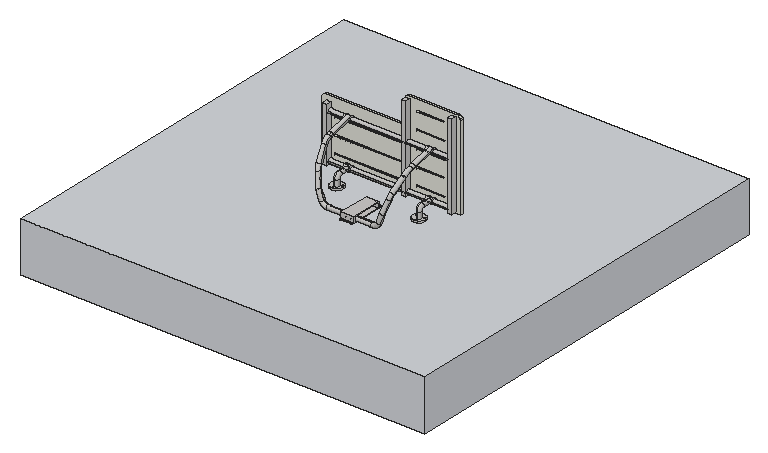
Revit family (continued)
Definition of nested family "Left"
  Automatic sketch dimensions
    Sweep 5 sketch curve to Sweep 5 sketch curve = 0' - 0.58567"
    Sweep 5 sketch curve to Sweep 5 sketch curve = 0' - 3.57424"
    Sweep 6 sketch curve to Sweep 6 sketch curve = 0' - 0.82176"
    Sweep 6 sketch curve to Sweep 6 sketch curve = 0' - 0.27573"
    Sweep 7 sketch curve to Sweep 7 sketch curve = 0' - 3.15842"
    Sweep 7 sketch curve to Sweep 7 sketch curve = 0' - 1.05008"
    Sweep 7 sketch curve to Sweep 7 sketch curve = 0' - 1.53408"
    profile plane to Sweep 7 sketch curve = 0' - 10 69/128"
    Revolve 8 sketch curve to Revolve 8 sketch curve = 0' - 4 3/4"
    Sweep 9 sketch curve to Sweep 9 sketch curve = 0' - 0.58567"
    Sweep 9 sketch curve to Sweep 9 sketch curve = 0' - 3.57424"
    Sweep 10 sketch curve to Sweep 10 sketch curve = 0' - 0.27573"
    Sweep 10 sketch curve to Sweep 10 sketch curve = 0' - 0.50921"
    Sweep 11 sketch curve to Sweep 11 sketch curve = 0' - 1.05008"
    Sweep 11 sketch curve to Sweep 11 sketch curve = 0' - 1.53408"
    profile plane to Sweep 11 sketch curve = 0' - 10 69/128"
    Extrusion 2 sketch curve to curve 1 = 0' - 1 1/8"
    curve 1 to Extrusion 2 sketch curve = 0' - 0 5/8"
    curve 1 to Extrusion 2 sketch curve = 0' - 11 9/16"
    curve 1 to Extrusion 3 sketch curve = 0' - 5 1/16"
    curve 1 to Extrusion 3 sketch curve = 0' - 0 5/8"
    Extrusion 3 sketch curve to Extrusion 3 sketch curve = 0' - 6 1/2"
    Extrusion 3 sketch curve to Extrusion 3 sketch curve = 0' - 0 1/2"
    Extrusion 12 sketch curve to Extrusion 2 = 0' - 0"  (x4)
    Extrusion 12 sketch curve to Extrusion 12 sketch curve = 0' - 0 1/4"  (x10)
    Extrusion 12 sketch curve to Extrusion 12 sketch curve = 0' - 0.40696"
    Extrusion 2 to Extrusion 12 sketch curve = 0' - 1"  (x2)
    Extrusion 2 to Extrusion 12 sketch curve = 0' - 2.26747"
    Extrusion 12 sketch curve to Extrusion 2 = 0' - 1"
    Extrusion 2 to Extrusion 12 sketch curve = 0' - 5 1/2"
    Extrusion 12 sketch curve to Extrusion 12 sketch curve = 0' - 3.47334"  (x3)
    Extrusion 12 sketch curve to Extrusion 12 sketch curve = 0' - 1"
    Extrusion 12 sketch curve to Extrusion 12 sketch curve = 0' - 2.71416"
    Extrusion 12 sketch curve to Extrusion 12 sketch curve = 0' - 0"  (x7)
    Extrusion 2 to Extrusion 12 sketch curve = 0' - 2.77666"  (x2)
    Extrusion 2 to Extrusion 12 sketch curve = 0' - 0 1/2"
    Extrusion 12 sketch curve to Extrusion 2 = 0' - 3.20167"  (x3)
    Extrusion 12 sketch curve to Extrusion 12 sketch curve = 0' - 2.92333"
    Extrusion 12 sketch curve to Extrusion 12 sketch curve = 0' - 6 3/8"
    Extrusion 12 sketch curve to Extrusion 12 sketch curve = 0' - 2.07667"
    Extrusion 12 sketch curve to Extrusion 12 sketch curve = 0' - 8.90334"
    Extrusion 12 sketch curve to Extrusion 12 sketch curve = 0' - 3 1/2"
    Extrusion 12 sketch curve to Extrusion 2 = 0' - 3.92333"  (x3)
    Extrusion 2 to Extrusion 12 sketch curve = 0' - 1 1/4"
    Extrusion 13 sketch curve to curve 1 = 0' - 0 7/8"
    curve 1 to Extrusion 13 sketch curve = 0' - 3 7/8"
    Extrusion 13 sketch curve to curve 1 = 0' - 0 5/8"
    Extrusion 13 sketch curve to Extrusion 13 sketch curve = 0' - 1 1/4"
    Extrusion 14 sketch curve to curve 1 = 0' - 0 7/8"
    curve 1 to Extrusion 14 sketch curve = 0' - 11 1/8"
    Extrusion 14 sketch curve to curve 1 = 0' - 0 5/8"
    Extrusion 14 sketch curve to Extrusion 14 sketch curve = 0' - 1 1/4"
    Extrusion 15 sketch curve to curve 1 = 0' - 0 7/8"
    curve 1 to Extrusion 15 sketch curve = 0' - 0 5/8"
    curve 1 to Extrusion 15 sketch curve = 0' - 11 1/8"
    Extrusion 15 sketch curve to curve 1 = 0' - 0 5/8"
    radius of Sweep 5 sketch curve = 0' - 0 1/2"
    radius of Sweep 6 sketch curve = 0' - 0 1/2"
    radius of Sweep 7 sketch curve = 0' - 0 1/2"
    radius of Sweep 9 sketch curve = 0' - 0 1/2"
    radius of Sweep 10 sketch curve = 0' - 0 1/2"
    radius of Sweep 11 sketch curve = 0' - 0 1/2"
  Nested families (in)
    nested 1: "Up Position" at (0, 2.72182, -6.65456) x (1, 0, 0) z (0, 0.6842, 0.7293), Tube <- "Material Finish", type "Up Position"
      with Tube Stainless Steel - Bobrick - Satin, Lock no
  Definition of nested family "Up Position"
    Parameters (values of type "Support")
      Warranty Duration (Years) = 0
      Unit Width = 1' - 1 1/2"
      Unit Length = 2' - 8"
      Unit Depth = 0' - 0"
      URL = "http://www.accessabledesigns.com/default.htm"
      Tube [instance] = none
      Test Data = ""
      Specification = "http://arcat.com/sd/clients/accessab.html?coid=41334"
      SpecWizard = ""
      Send Message = "http://www.arcat.com/users.pl?action=UserEmail&company=Access-Able+Designs,+Inc.&coid=41334&rep=145&fax=772-872-3200&mf="
      Sales Information = "http://www.accessabledesigns.com/contact.htm"
      Revision = "R1_7_2012"
      Product Properties = ""
      Product Data = "http://arcat.com/arcatcos/cos41/arc41334.html?isac=1&r=1"
      Model = "As Specified"
      Manufacturer Website = "http://www.accessabledesigns.com/default.htm"
      Manufacturer Phone - Toll Free = "877-853-7816"
      Manufacturer Phone = ""
      Manufacturer Fax = "772-872-3200"
      Manufacturer Address = "494 53rd Square Vero Beach, FL 32968"
      Manufacturer = "Access-able Designs, Inc."
      Maintenance Schedule (Months) = 0
      Lock [instance] = yes
      Keynote = "10820"
      Installation-Fabrication = ""
      Installation Phase = ""
      Green Building-LEED = ""
      Expected Lifespan (Years) = 0
      Drawn By = "Sumex Design, Inc. / Robert S. Weygant, CSI, CDT, SCIP"
      Description = "Access-able Designs Product as Specified"
      Default Elevation = 4' - 0"
      Copyright = "©Arcat Inc."
      Construction Details = ""
      Building Codes = ""
      Assembly Code = "C1030200"
      Angle = 90.00°
    Reference planes (in)
      plane 1 "Center (Front/Back)": y = 0
      plane 2: z = 0
      plane 3 "Center (Left/Right)": x = 0
      plane 4: y = 6.75
      plane 5: y = -6.75
      plane 6: x = -16
      plane 7: x = 16
      plane 8: z = 12
    Forms (in)
      Extrusion 1, solid
        sketch origin (0, 0, 0) x (1, 0, 0) y (0, 1, 0)
          loop
            line (-48, 48) -> (-48, -48) -> (48, -48) -> (48, 48) -> (-48, 48)
        from 0 to -12
      Sweep 2, solid, material <- "Tube", visible <- "Lock"
        path origin (0, 0, 0) x (1, 0, 0) y (0, 0, 1)
          loop
            line (0, 0.71616) -> (-3.84674, 0.71616)
            arc (-3.84674, 0.71616) -> (-4.76312, 1.0051) -> (-5.34804, 1.76739) r 1.59766
            line (-5.34804, 1.76739) -> (-6.16678, 4.01685)
        profile origin (-1.92337, 0, 0.71616) x (0, 0, -1) y (0, -1, 0)
          loop
            circle (0, 10.05469) r 0.5
      Revolve 3, solid, not visible
        sketch origin (-4.96082, 1.5, 2.49157) x (-0.292372, 0, 0.956305) y (0, -1, 0)
          loop
            line (11.25, 0) -> (11.75, 0) -> (11.75, 5.25) -> (11.25, 5.25) -> (11.25, 0)
          axis (11.25, 0) -> (11.25, 5.25)
        angle from 0 to 360
      Sweep 4, solid, not visible
        path origin (-4.96082, 1.5, 2.49157) x (-0.292372, 0, 0.956305) y (0, -1, 0)
          loop
            line (11.25, 5.25) -> (11.25, 5.9655)
            arc (11.25, 5.9655) -> (11.09688, 6.68136) -> (10.66433, 7.27195) r 1.75
            line (10.66433, 7.27195) -> (6.65381, 10.84619)
        profile origin (-8.25, -4.10775, 13.25) x (0.292372, 0, -0.956305) y (0.956305, 0, 0.292372)
          loop
            circle (0, 0) r 0.5
      Sweep 5, solid, not visible
        path origin (-4.96082, 1.5, 2.49157) x (-0.292372, 0, 0.956305) y (0, -1, 0)
          loop
            line (6.65381, 10.84619) -> (6.23813, 11.26187)
            arc (6.23813, 11.26187) -> (5.72015, 11.6197) -> (5.10905, 11.77108) r 1.75
            line (5.10905, 11.77108) -> (0.66447, 12.04681)
        profile origin (-6.84544, -9.55403, 8.65588) x (0.206738, 0.707107, -0.67621) y (0.956305, 0, 0.292372)
          loop
            circle (0, 0) r 0.5
      Sweep 6, solid, not visible
        path origin (0, 0, 0) x (1, 0, 0) y (0, 0, 1)
          loop
            line (-5.21645, 3.30032) -> (-4.65809, 1.76624)
            arc (-4.65809, 1.76624) -> (-4.0738, 1.00478) -> (-3.15842, 0.71616) r 1.59591
            line (-3.15842, 0.71616) -> (0, 0.71616)
        profile origin (-4.93727, 0, 2.53328) x (0.939693, 0, 0.34202) y (0, -1, 0)
          loop
            circle (0, 10.53906) r 0.5
      Revolve 7, solid, not visible
        sketch origin (4.96082, 1.5, 2.49157) x (0.292372, 0, 0.956305) y (0, 1, 0)
          loop
            line (11.25, 0) -> (11.25, -5.25) -> (11.75, -5.25) -> (11.75, 0) -> (11.25, 0)
          axis (11.25, 0) -> (11.25, -5.25)
        angle from 0 to 360
      Sweep 8, solid, not visible
        path origin (4.96082, 1.5, 2.49157) x (0.292372, 0, 0.956305) y (0, 1, 0)
          loop
            line (11.25, -5.25) -> (11.25, -5.9655)
            arc (11.25, -5.9655) -> (11.09688, -6.68136) -> (10.66433, -7.27195) r 1.75
            line (10.66433, -7.27195) -> (6.65381, -10.84619)
        profile origin (8.25, -4.10775, 13.25) x (0.292372, 0, 0.956305) y (-0.956305, 0, 0.292372)
          loop
            circle (0, 0) r 0.5
      Sweep 9, solid, not visible
        path origin (4.96082, 1.5, 2.49157) x (0.292372, 0, 0.956305) y (0, 1, 0)
          loop
            line (6.65381, -10.84619) -> (6.23813, -11.26187)
            arc (6.23813, -11.26187) -> (5.72015, -11.6197) -> (5.10905, -11.77108) r 1.75
            line (5.10905, -11.77108) -> (0.66447, -12.04681)
        profile origin (6.84544, -9.55403, 8.65588) x (0.206738, -0.707107, 0.67621) y (-0.956305, 0, 0.292372)
          loop
            circle (0, 0) r 0.5
      Sweep 10, solid, not visible
        path origin (0, 0, 0) x (-1, 0, 0) y (0, 0, 1)
          loop
            line (-5.21645, 3.30032) -> (-4.65809, 1.76624)
            arc (-4.65809, 1.76624) -> (-4.0738, 1.00478) -> (-3.15842, 0.71616) r 1.59591
            line (-3.15842, 0.71616) -> (0, 0.71616)
        profile origin (4.93727, 0, 2.53328) x (0.939693, 0, -0.34202) y (0, -1, 0)
          loop
            circle (0, 10.53906) r 0.5
      Sweep 11, solid, material <- "Tube", visible <- "Lock"
        path origin (0, 1.5, 2) x (0, 0, 1) y (0, -1, 0)
          loop
            line (11.25, 0) -> (9.8265, 5.31259)
        profile origin (0, -1.1563, 12.53825) x (0, 0.258819, -0.965926) y (1, 0, 0)
          loop
            circle (0, -8.25) r 0.5
      Sweep 12, solid, material <- "Tube", visible <- "Lock"
        path origin (2.25548, 1.5, 4.46009) x (-0.258819, 0, 0.965926) y (0, -1, 0)
          loop
            line (9.8265, 5.31259) -> (9.63073, 6.04319)
            arc (9.63073, 6.04319) -> (9.24763, 6.92427) -> (8.62366, 7.65484) r 3.25
            line (8.62366, 7.65484) -> (6.16605, 9.79121)
        profile origin (-0.26247, -4.17789, 13.85721) x (0.25, 0.258819, -0.933013) y (0.965926, 0, 0.258819)
          loop
            circle (0, -8.25) r 0.5
      Sweep 13, solid, material <- "Tube", visible <- "Lock"
        path origin (2.25548, 1.5, 4.46009) x (-0.258819, 0, 0.965926) y (0, -1, 0)
          loop
            line (6.16605, 9.79121) -> (5.78463, 10.12278)
            arc (5.78463, 10.12278) -> (5.26674, 10.48205) -> (4.68337, 10.72071) r 2.89483
            line (4.68337, 10.72071) -> (1.61389, 11.60087)
        profile origin (0.70895, -8.457, 10.23182) x (0.169801, 0.75471, -0.633704) y (0.965926, 0, 0.258819)
          loop
            circle (0, -8.25) r 0.5
      Sweep 14, solid, material <- "Tube", visible <- "Lock"
        path origin (0, 0, 0) x (-1, 0, 0) y (0, 0, 1)
          loop
            line (0, 0.71616) -> (-3.84674, 0.71616)
            arc (-3.84674, 0.71616) -> (-4.76312, 1.0051) -> (-5.34804, 1.76739) r 1.59766
            line (-5.34804, 1.76739) -> (-6.16678, 4.01685)
        profile origin (1.92337, 0, 0.71616) x (0, 0, 1) y (0, -1, 0)
          loop
            circle (0, 10.05469) r 0.5
      Sweep 15, solid, material <- "Tube", visible <- "Lock"
        path origin (0, 1.5, 2) x (0, 0, 1) y (0, 1, 0)
          loop
            line (11.25, 0) -> (9.8265, -5.31259)
        profile origin (0, -1.1563, 12.53825) x (0, -0.258819, 0.965926) y (-1, 0, 0)
          loop
            circle (0, -8.25) r 0.5
      Sweep 16, solid, material <- "Tube", visible <- "Lock"
        path origin (-2.25548, 1.5, 4.46009) x (0.258819, 0, 0.965926) y (0, 1, 0)
          loop
            line (9.8265, -5.31259) -> (9.63073, -6.04319)
            arc (9.63073, -6.04319) -> (9.24763, -6.92427) -> (8.62366, -7.65484) r 3.25
            line (8.62366, -7.65484) -> (6.16605, -9.79121)
        profile origin (0.26247, -4.17789, 13.85721) x (0.25, -0.258819, 0.933013) y (-0.965926, 0, 0.258819)
          loop
            circle (0, -8.25) r 0.5
      Sweep 17, solid, material <- "Tube", visible <- "Lock"
        path origin (-2.25548, 1.5, 4.46009) x (0.258819, 0, 0.965926) y (0, 1, 0)
          loop
            line (6.16605, -9.79121) -> (5.78463, -10.12278)
            arc (5.78463, -10.12278) -> (5.26674, -10.48205) -> (4.68337, -10.72071) r 2.89483
            line (4.68337, -10.72071) -> (1.61389, -11.60087)
        profile origin (-0.70895, -8.457, 10.23182) x (0.169801, -0.75471, 0.633704) y (-0.965926, 0, 0.258819)
          loop
            circle (0, -8.25) r 0.5
      Sweep 18, solid, not visible
        path origin (0, 0, 0) x (1, 0, 0) y (0, 0, 1)
          loop
            line (0, 0.71616) -> (-3.84674, 0.71616)
            arc (-3.84674, 0.71616) -> (-4.76312, 1.0051) -> (-5.34804, 1.76739) r 1.59766
            line (-5.34804, 1.76739) -> (-6.16678, 4.01685)
        profile origin (-1.92337, 0, 0.71616) x (0, 0, -1) y (0, -1, 0)
          loop
            circle (0, 10.05469) r 0.5
      Sweep 19, solid, not visible
        path origin (0, 1.5, 2) x (0, 0, 1) y (0, -1, 0)
          loop
            line (11.25, 0) -> (9.8265, 5.31259)
        profile origin (0, -1.1563, 12.53825) x (0, 0.258819, -0.965926) y (1, 0, 0)
          loop
            circle (0, -8.25) r 0.5
      Sweep 20, solid, not visible
        path origin (2.25548, 1.5, 4.46009) x (-0.258819, 0, 0.965926) y (0, -1, 0)
          loop
            line (9.8265, 5.31259) -> (9.63073, 6.04319)
            arc (9.63073, 6.04319) -> (9.24763, 6.92427) -> (8.62366, 7.65484) r 3.25
            line (8.62366, 7.65484) -> (6.16605, 9.79121)
        profile origin (-0.26247, -4.17789, 13.85721) x (0.25, 0.258819, -0.933013) y (0.965926, 0, 0.258819)
          loop
            circle (0, -8.25) r 0.5
      Sweep 21, solid, not visible
        path origin (2.25548, 1.5, 4.46009) x (-0.258819, 0, 0.965926) y (0, -1, 0)
          loop
            line (6.16605, 9.79121) -> (5.78463, 10.12278)
            arc (5.78463, 10.12278) -> (5.26674, 10.48205) -> (4.68337, 10.72071) r 2.89483
            line (4.68337, 10.72071) -> (1.61389, 11.60087)
        profile origin (0.70895, -8.457, 10.23182) x (0.169801, 0.75471, -0.633704) y (0.965926, 0, 0.258819)
          loop
            circle (0, -8.25) r 0.5
      Sweep 22, solid, not visible
        path origin (0, 0, 0) x (-1, 0, 0) y (0, 0, 1)
          loop
            line (0, 0.71616) -> (-3.84674, 0.71616)
            arc (-3.84674, 0.71616) -> (-4.76312, 1.0051) -> (-5.34804, 1.76739) r 1.59766
            line (-5.34804, 1.76739) -> (-6.16678, 4.01685)
        profile origin (1.92337, 0, 0.71616) x (0, 0, 1) y (0, -1, 0)
          loop
            circle (0, 10.05469) r 0.5
      Sweep 23, solid, not visible
        path origin (0, 1.5, 2) x (0, 0, 1) y (0, 1, 0)
          loop
            line (11.25, 0) -> (9.8265, -5.31259)
        profile origin (0, -1.1563, 12.53825) x (0, -0.258819, 0.965926) y (-1, 0, 0)
          loop
            circle (0, -8.25) r 0.5
      Sweep 24, solid, not visible
        path origin (-2.25548, 1.5, 4.46009) x (0.258819, 0, 0.965926) y (0, 1, 0)
          loop
            line (9.8265, -5.31259) -> (9.63073, -6.04319)
            arc (9.63073, -6.04319) -> (9.24763, -6.92427) -> (8.62366, -7.65484) r 3.25
            line (8.62366, -7.65484) -> (6.16605, -9.79121)
        profile origin (0.26247, -4.17789, 13.85721) x (0.25, -0.258819, 0.933013) y (-0.965926, 0, 0.258819)
          loop
            circle (0, -8.25) r 0.5
      Sweep 25, solid, not visible
        path origin (-2.25548, 1.5, 4.46009) x (0.258819, 0, 0.965926) y (0, 1, 0)
          loop
            line (6.16605, -9.79121) -> (5.78463, -10.12278)
            arc (5.78463, -10.12278) -> (5.26674, -10.48205) -> (4.68337, -10.72071) r 2.89483
            line (4.68337, -10.72071) -> (1.61389, -11.60087)
        profile origin (-0.70895, -8.457, 10.23182) x (0.169801, -0.75471, 0.633704) y (-0.965926, 0, 0.258819)
          loop
            circle (0, -8.25) r 0.5
    Dimensions and locks (in)
      plane 8 to level = 1' - 0"
      equal spacing: plane 4, plane 1 "Center (Front/Back)", plane 5
      "Unit Width": plane 4 to plane 5
      equal spacing: plane 6, plane 3 "Center (Left/Right)", plane 7
      "Unit Length": plane 6 to plane 7
      aligned and locked: plane 2 to Extrusion 1
      aligned and locked: level to Extrusion 1
    Automatic sketch dimensions
      Revolve 3 sketch curve to Revolve 3 sketch curve = 0' - 0"
      Revolve 3 sketch curve to Revolve 3 sketch curve = 0' - 0 1/2"  (x3)
      Sweep 4 sketch curve to Sweep 4 sketch curve = 0' - 2.84619"
      Sweep 4 sketch curve to Sweep 4 sketch curve = 0' - 1.16433"
      Sweep 4 sketch curve to Sweep 4 sketch curve = 0' - 0.7155"
      Sweep 4 sketch curve to profile plane = 0' - 0"  (x2)
      Sweep 5 sketch curve to Sweep 5 sketch curve = 0' - 4.33622"
      Sweep 5 sketch curve to Sweep 5 sketch curve = 0' - 0.10836"
      Sweep 5 sketch curve to Sweep 5 sketch curve = 0' - 1.12908"
      Sweep 5 sketch curve to Sweep 5 sketch curve = 0' - 0.41568"  (x2)
      Sweep 5 sketch curve to profile plane = 0' - 0"  (x2)
      Sweep 6 sketch curve to Sweep 6 sketch curve = 0' - 1.49967"
      Sweep 6 sketch curve to Sweep 6 sketch curve = 0' - 0.55836"
      Sweep 6 sketch curve to profile plane = 0' - 0"
      Revolve 7 sketch curve to Revolve 7 sketch curve = 0' - 0"
      Revolve 7 sketch curve to Revolve 7 sketch curve = 0' - 0 1/2"  (x3)
      Sweep 8 sketch curve to Sweep 8 sketch curve = 0' - 2.84619"
      Sweep 8 sketch curve to Sweep 8 sketch curve = 0' - 1.16433"
      Sweep 8 sketch curve to Sweep 8 sketch curve = 0' - 0.7155"
      Sweep 8 sketch curve to profile plane = 0' - 0"  (x2)
      Sweep 9 sketch curve to Sweep 9 sketch curve = 0' - 4.33622"
      Sweep 9 sketch curve to Sweep 9 sketch curve = 0' - 0.10836"
      Sweep 9 sketch curve to Sweep 9 sketch curve = 0' - 1.12908"
      Sweep 9 sketch curve to Sweep 9 sketch curve = 0' - 0.41568"  (x2)
      Sweep 9 sketch curve to profile plane = 0' - 0"  (x2)
      Sweep 10 sketch curve to Sweep 10 sketch curve = 0' - 3.15842"
      Sweep 10 sketch curve to Sweep 10 sketch curve = 0' - 1.49967"
      Sweep 10 sketch curve to Sweep 10 sketch curve = 0' - 0.55836"
      Sweep 10 sketch curve to profile plane = 0' - 0"
      Revolve 3 sketch curve to Revolve 3 sketch curve = 0' - 4 3/4"
      Sweep 4 sketch curve to Sweep 4 sketch curve = 0' - 0.58567"
      Sweep 4 sketch curve to Sweep 4 sketch curve = 0' - 3.57424"
      Sweep 5 sketch curve to Sweep 5 sketch curve = 0' - 0.82176"
      Sweep 5 sketch curve to Sweep 5 sketch curve = 0' - 0.27573"
      Sweep 6 sketch curve to Sweep 6 sketch curve = 0' - 3.15842"
      Sweep 6 sketch curve to Sweep 6 sketch curve = 0' - 1.05008"
      Sweep 6 sketch curve to Sweep 6 sketch curve = 0' - 1.53408"
      profile plane to Sweep 6 sketch curve = 0' - 10 69/128"
      Revolve 7 sketch curve to Revolve 7 sketch curve = 0' - 4 3/4"
      Sweep 8 sketch curve to Sweep 8 sketch curve = 0' - 0.58567"
      Sweep 8 sketch curve to Sweep 8 sketch curve = 0' - 3.57424"
      Sweep 9 sketch curve to Sweep 9 sketch curve = 0' - 0.27573"
      Sweep 9 sketch curve to Sweep 9 sketch curve = 0' - 0.50921"
      Sweep 10 sketch curve to Sweep 10 sketch curve = 0' - 1.05008"
      Sweep 10 sketch curve to Sweep 10 sketch curve = 0' - 1.53408"
      profile plane to Sweep 10 sketch curve = 0' - 10 69/128"
      Extrusion 1 sketch curve to Extrusion 1 sketch curve = 8' - 0"  (x2)
      Sweep 2 sketch curve to Sweep 2 sketch curve = 0' - 1.50131"
      Sweep 2 sketch curve to Sweep 2 sketch curve = 0' - 0.81874"
      Sweep 2 sketch curve to profile plane = 0' - 0"
      Sweep 11 sketch curve to profile plane = 0' - 0"
      Sweep 11 sketch curve to profile plane = 0' - 8 1/4"
      Sweep 12 sketch curve to Sweep 12 sketch curve = 0' - 0.32543"
      Sweep 12 sketch curve to Sweep 12 sketch curve = 0' - 2.13219"
      Sweep 12 sketch curve to Sweep 12 sketch curve = 0' - 1.00707"
      Sweep 12 sketch curve to Sweep 12 sketch curve = 0' - 0.19576"
      Sweep 12 sketch curve to Sweep 12 sketch curve = 0' - 2.45281"
      Sweep 12 sketch curve to profile plane = 0' - 0"
      Sweep 12 sketch curve to profile plane = 0' - 8 1/4"
      Sweep 13 sketch curve to Sweep 13 sketch curve = 0' - 2.27155"
      Sweep 13 sketch curve to Sweep 13 sketch curve = 0' - 0.79792"
      Sweep 13 sketch curve to Sweep 13 sketch curve = 0' - 1.10126"
      Sweep 13 sketch curve to Sweep 13 sketch curve = 0' - 0.38142"
      Sweep 13 sketch curve to profile plane = 0' - 0"
      Sweep 13 sketch curve to profile plane = 0' - 8 1/4"
      Sweep 14 sketch curve to Sweep 14 sketch curve = 0' - 3.84674"
      Sweep 14 sketch curve to Sweep 14 sketch curve = 0' - 1.50131"
      Sweep 14 sketch curve to Sweep 14 sketch curve = 0' - 0.81874"
      Sweep 14 sketch curve to profile plane = 0' - 0"
      Sweep 15 sketch curve to profile plane = 0' - 0"
      Sweep 15 sketch curve to profile plane = 0' - 8 1/4"
      Sweep 16 sketch curve to Sweep 16 sketch curve = 0' - 0.32543"
      Sweep 16 sketch curve to Sweep 16 sketch curve = 0' - 2.13219"
      Sweep 16 sketch curve to Sweep 16 sketch curve = 0' - 1.00707"
      Sweep 16 sketch curve to Sweep 16 sketch curve = 0' - 0.19576"
      Sweep 16 sketch curve to Sweep 16 sketch curve = 0' - 0.7306"
      Sweep 16 sketch curve to profile plane = 0' - 0"
      Sweep 16 sketch curve to profile plane = 0' - 8 1/4"
      Sweep 17 sketch curve to Sweep 17 sketch curve = 0' - 2.27155"
      Sweep 17 sketch curve to Sweep 17 sketch curve = 0' - 0.79792"
      Sweep 17 sketch curve to Sweep 17 sketch curve = 0' - 1.10126"
      Sweep 17 sketch curve to Sweep 17 sketch curve = 0' - 0.38142"
      Sweep 17 sketch curve to profile plane = 0' - 0"
      Sweep 17 sketch curve to profile plane = 0' - 8 1/4"
      Sweep 2 sketch curve to Sweep 2 sketch curve = 0' - 3.84674"
      Sweep 2 sketch curve to Sweep 2 sketch curve = 0' - 1.05123"
      Sweep 2 sketch curve to Sweep 2 sketch curve = 0' - 2.24947"
      profile plane to Sweep 2 sketch curve = 0' - 10 7/128"
      Sweep 11 sketch curve to Sweep 11 sketch curve = 0' - 1.4235"
      Sweep 11 sketch curve to Sweep 11 sketch curve = 0' - 5.31259"
      Sweep 12 sketch curve to Sweep 12 sketch curve = 0' - 0.7306"
      Sweep 12 sketch curve to Sweep 12 sketch curve = 0' - 2.13637"
      Sweep 13 sketch curve to Sweep 13 sketch curve = 0' - 1.85319"
      Sweep 13 sketch curve to Sweep 13 sketch curve = 0' - 0.33156"
      Sweep 13 sketch curve to Sweep 13 sketch curve = 0' - 0.88016"
      Sweep 14 sketch curve to Sweep 14 sketch curve = 0' - 1.05123"
      Sweep 14 sketch curve to Sweep 14 sketch curve = 0' - 2.24947"
      profile plane to Sweep 14 sketch curve = 0' - 10 7/128"
      Sweep 15 sketch curve to Sweep 15 sketch curve = 0' - 1.4235"
      Sweep 15 sketch curve to Sweep 15 sketch curve = 0' - 5.31259"
      Sweep 16 sketch curve to Sweep 16 sketch curve = 0' - 2.13637"
      Sweep 16 sketch curve to Sweep 16 sketch curve = 0' - 1.61164"
      Sweep 17 sketch curve to Sweep 17 sketch curve = 0' - 0.88016"
      Sweep 17 sketch curve to Sweep 17 sketch curve = 0' - 0.59793"
      Sweep 17 sketch curve to Sweep 17 sketch curve = 0' - 0.33156"
      Sweep 18 sketch curve to Sweep 18 sketch curve = 0' - 1.50131"
      Sweep 18 sketch curve to Sweep 18 sketch curve = 0' - 0.81874"
      Sweep 18 sketch curve to profile plane = 0' - 0"
      Sweep 19 sketch curve to profile plane = 0' - 0"
      Sweep 19 sketch curve to profile plane = 0' - 8 1/4"
      Sweep 20 sketch curve to Sweep 20 sketch curve = 0' - 0.32543"
      Sweep 20 sketch curve to Sweep 20 sketch curve = 0' - 2.13219"
      Sweep 20 sketch curve to Sweep 20 sketch curve = 0' - 1.00707"
      Sweep 20 sketch curve to Sweep 20 sketch curve = 0' - 0.19576"
      Sweep 20 sketch curve to Sweep 20 sketch curve = 0' - 2.45281"
      Sweep 20 sketch curve to profile plane = 0' - 0"
      Sweep 20 sketch curve to profile plane = 0' - 8 1/4"
      Sweep 21 sketch curve to Sweep 21 sketch curve = 0' - 2.27155"
      Sweep 21 sketch curve to Sweep 21 sketch curve = 0' - 0.79792"
      Sweep 21 sketch curve to Sweep 21 sketch curve = 0' - 1.10126"
      Sweep 21 sketch curve to Sweep 21 sketch curve = 0' - 0.38142"
      Sweep 21 sketch curve to profile plane = 0' - 0"
      Sweep 21 sketch curve to profile plane = 0' - 8 1/4"
      Sweep 22 sketch curve to Sweep 22 sketch curve = 0' - 3.84674"
      Sweep 22 sketch curve to Sweep 22 sketch curve = 0' - 1.50131"
      Sweep 22 sketch curve to Sweep 22 sketch curve = 0' - 0.81874"
      Sweep 22 sketch curve to profile plane = 0' - 0"
      Sweep 23 sketch curve to profile plane = 0' - 0"
      Sweep 23 sketch curve to profile plane = 0' - 8 1/4"
      Sweep 24 sketch curve to Sweep 24 sketch curve = 0' - 0.32543"
      Sweep 24 sketch curve to Sweep 24 sketch curve = 0' - 2.13219"
      Sweep 24 sketch curve to Sweep 24 sketch curve = 0' - 1.00707"
      Sweep 24 sketch curve to Sweep 24 sketch curve = 0' - 0.19576"
      Sweep 24 sketch curve to Sweep 24 sketch curve = 0' - 0.7306"
      Sweep 24 sketch curve to profile plane = 0' - 0"
      Sweep 24 sketch curve to profile plane = 0' - 8 1/4"
      Sweep 25 sketch curve to Sweep 25 sketch curve = 0' - 2.27155"
      Sweep 25 sketch curve to Sweep 25 sketch curve = 0' - 0.79792"
      Sweep 25 sketch curve to Sweep 25 sketch curve = 0' - 1.10126"
      Sweep 25 sketch curve to Sweep 25 sketch curve = 0' - 0.38142"
      Sweep 25 sketch curve to profile plane = 0' - 0"
      Sweep 25 sketch curve to profile plane = 0' - 8 1/4"
      Sweep 18 sketch curve to Sweep 18 sketch curve = 0' - 3.84674"
      Sweep 18 sketch curve to Sweep 18 sketch curve = 0' - 1.05123"
      Sweep 18 sketch curve to Sweep 18 sketch curve = 0' - 2.24947"
      profile plane to Sweep 18 sketch curve = 0' - 10 7/128"
      Sweep 19 sketch curve to Sweep 19 sketch curve = 0' - 1.4235"
      Sweep 19 sketch curve to Sweep 19 sketch curve = 0' - 5.31259"
      Sweep 20 sketch curve to Sweep 20 sketch curve = 0' - 0.7306"
      Sweep 20 sketch curve to Sweep 20 sketch curve = 0' - 2.13637"
      Sweep 21 sketch curve to Sweep 21 sketch curve = 0' - 1.85319"
      Sweep 21 sketch curve to Sweep 21 sketch curve = 0' - 0.33156"
      Sweep 21 sketch curve to Sweep 21 sketch curve = 0' - 0.88016"
      Sweep 22 sketch curve to Sweep 22 sketch curve = 0' - 1.05123"
      Sweep 22 sketch curve to Sweep 22 sketch curve = 0' - 2.24947"
      profile plane to Sweep 22 sketch curve = 0' - 10 7/128"
      Sweep 23 sketch curve to Sweep 23 sketch curve = 0' - 1.4235"
      Sweep 23 sketch curve to Sweep 23 sketch curve = 0' - 5.31259"
      Sweep 24 sketch curve to Sweep 24 sketch curve = 0' - 2.13637"
      Sweep 24 sketch curve to Sweep 24 sketch curve = 0' - 1.61164"
      Sweep 25 sketch curve to Sweep 25 sketch curve = 0' - 0.88016"
      Sweep 25 sketch curve to Sweep 25 sketch curve = 0' - 0.59793"
      Sweep 25 sketch curve to Sweep 25 sketch curve = 0' - 0.33156"
      Sweep 2 sketch curve to plane 3 "Center (Left/Right)" = 0' - 0"
      level to Sweep 2 sketch curve = 0' - 0.71616"
      Sweep 11 sketch curve to plane 8 = 0' - 0.1735"
      Sweep 12 sketch curve to plane 5 = 0' - 1.54121"
      Sweep 13 sketch curve to plane 5 = 0' - 3.35087"
      Sweep 14 sketch curve to plane 3 "Center (Left/Right)" = 0' - 0"
      Sweep 14 sketch curve to level = 0' - 0.71616"
      Sweep 15 sketch curve to plane 8 = 0' - 0.1735"
      Sweep 16 sketch curve to plane 5 = 0' - 1.54121"
      Sweep 17 sketch curve to plane 5 = 0' - 3.35087"
      Sweep 11 sketch curve to plane 1 "Center (Front/Back)" = 0' - 1 1/2"
      plane 5 to Sweep 15 sketch curve = 0' - 2.93741"
      radius of Sweep 4 sketch curve = 0' - 0 1/2"
      radius of Sweep 5 sketch curve = 0' - 0 1/2"
      radius of Sweep 6 sketch curve = 0' - 0 1/2"
      radius of Sweep 8 sketch curve = 0' - 0 1/2"
      radius of Sweep 9 sketch curve = 0' - 0 1/2"
      radius of Sweep 10 sketch curve = 0' - 0 1/2"
      radius of Sweep 2 sketch curve = 0' - 0 1/2"
      radius of Sweep 11 sketch curve = 0' - 0 1/2"
      radius of Sweep 12 sketch curve = 0' - 0 1/2"
      radius of Sweep 13 sketch curve = 0' - 0 1/2"
      radius of Sweep 14 sketch curve = 0' - 0 1/2"
      radius of Sweep 15 sketch curve = 0' - 0 1/2"
      radius of Sweep 16 sketch curve = 0' - 0 1/2"
      radius of Sweep 17 sketch curve = 0' - 0 1/2"
      radius of Sweep 18 sketch curve = 0' - 0 1/2"
      radius of Sweep 19 sketch curve = 0' - 0 1/2"
      radius of Sweep 20 sketch curve = 0' - 0 1/2"
      radius of Sweep 21 sketch curve = 0' - 0 1/2"
      radius of Sweep 22 sketch curve = 0' - 0 1/2"
      radius of Sweep 23 sketch curve = 0' - 0 1/2"
      radius of Sweep 24 sketch curve = 0' - 0 1/2"
      radius of Sweep 25 sketch curve = 0' - 0 1/2"
